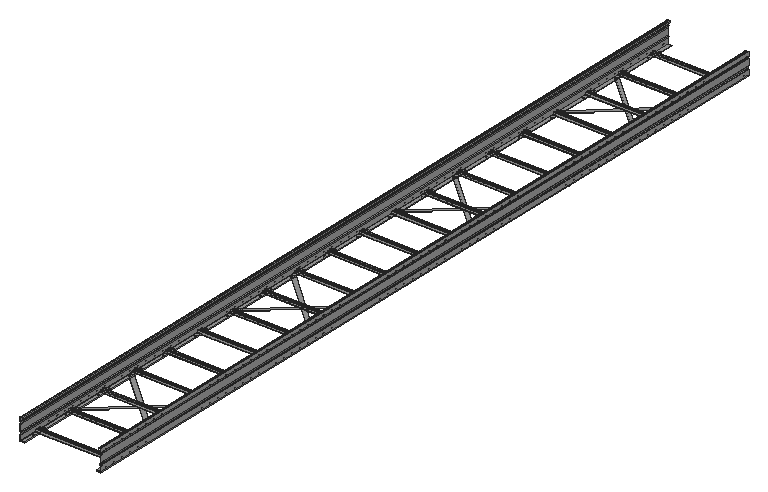
Revit family "WKLG 1660 03.09", category Generic Models, Revit 2017 (continued)
Forms (mm)
  Extrusion 420, solid, material "Hot-dip galvanised 85 µm" <- "Material"
    sketch origin (0, 2400, 0) x (0, 1, 0) y (0, 0, 1)
      loop
        line (163.042, 15.709) -> (165.389, 4.709)
        arc (165.389, 4.709) -> (165.188, 3.871) -> (164.411, 3.5) r 1
        line (164.411, 3.5) -> (135.589, 3.5)
        arc (135.589, 3.5) -> (134.812, 3.871) -> (134.611, 4.709) r 1
        line (134.611, 4.709) -> (136.958, 15.709)
        arc (136.958, 15.709) -> (137.307, 16.277) -> (137.936, 16.5) r 1
        line (137.936, 16.5) -> (141.587, 16.5) -> (141.587, 18) -> (136.722, 18)
        arc (136.722, 18) -> (136.093, 17.777) -> (135.744, 17.209) r 1
    from -298 to 298
  Extrusion 421, void
    sketch origin (0, 2400, 0) x (1, 0, 0) y (0, 1, 0)
      loop
        circle (-287.5, 150) r 2.75
      loop
        circle (-257.5, 150) r 3.5
      loop
        circle (287.5, 150) r 2.75
      loop
        circle (257.5, 150) r 3.5
    from 0 to 3.373
  Extrusion 422, solid, material "Hot-dip galvanised 85 µm" <- "Material"
    sketch origin (0, 2700, 0) x (0, 1, 0) y (0, 0, 1)
      loop
        line (135.744, 17.209) -> (132.758, 3.209)
        arc (132.758, 3.209) -> (132.958, 2.371) -> (133.736, 2) r 1
        line (133.736, 2) -> (166.264, 2)
        arc (166.264, 2) -> (167.042, 2.371) -> (167.242, 3.209) r 1
        line (167.242, 3.209) -> (164.256, 17.209)
        arc (164.256, 17.209) -> (163.907, 17.777) -> (163.278, 18) r 1
        line (163.278, 18) -> (158.087, 18) -> (158.087, 16.5) -> (162.064, 16.5)
        arc (162.064, 16.5) -> (162.693, 16.277) -> (163.042, 15.709) r 1
        line (163.042, 15.709) -> (165.389, 4.709)
        arc (165.389, 4.709) -> (165.188, 3.871) -> (164.411, 3.5) r 1
        line (164.411, 3.5) -> (135.589, 3.5)
        arc (135.589, 3.5) -> (134.812, 3.871) -> (134.611, 4.709) r 1
        line (134.611, 4.709) -> (136.958, 15.709)
        arc (136.958, 15.709) -> (137.307, 16.277) -> (137.936, 16.5) r 1
        line (137.936, 16.5) -> (141.587, 16.5) -> (141.587, 18) -> (136.722, 18)
        arc (136.722, 18) -> (136.093, 17.777) -> (135.744, 17.209) r 1
    from -298 to 298
  Extrusion 423, void
    sketch origin (0, 2700, 0) x (1, 0, 0) y (0, 1, 0)
      loop
        circle (-287.5, 150) r 2.75
      loop
        circle (-257.5, 150) r 3.5
      loop
        circle (287.5, 150) r 2.75
      loop
        circle (257.5, 150) r 3.5
    from 0 to 3.373
  Extrusion 424, solid, material "Hot-dip galvanised 85 µm" <- "Material"
    sketch origin (0, 3000, 0) x (0, 1, 0) y (0, 0, 1)
      loop
        line (135.744, 17.209) -> (132.758, 3.209)
        arc (132.758, 3.209) -> (132.958, 2.371) -> (133.736, 2) r 1
        line (133.736, 2) -> (166.264, 2)
        arc (166.264, 2) -> (167.042, 2.371) -> (167.242, 3.209) r 1
        line (167.242, 3.209) -> (164.256, 17.209)
        arc (164.256, 17.209) -> (163.907, 17.777) -> (163.278, 18) r 1
        line (163.278, 18) -> (158.087, 18) -> (158.087, 16.5) -> (162.064, 16.5)
        arc (162.064, 16.5) -> (162.693, 16.277) -> (163.042, 15.709) r 1
        line (163.042, 15.709) -> (165.389, 4.709)
        arc (165.389, 4.709) -> (165.188, 3.871) -> (164.411, 3.5) r 1
        line (164.411, 3.5) -> (135.589, 3.5)
        arc (135.589, 3.5) -> (134.812, 3.871) -> (134.611, 4.709) r 1
        line (134.611, 4.709) -> (136.958, 15.709)
        arc (136.958, 15.709) -> (137.307, 16.277) -> (137.936, 16.5) r 1
        line (137.936, 16.5) -> (141.587, 16.5) -> (141.587, 18) -> (136.722, 18)
        arc (136.722, 18) -> (136.093, 17.777) -> (135.744, 17.209) r 1
    from -298 to 298
  Extrusion 425, void
    sketch origin (0, 3000, 0) x (1, 0, 0) y (0, 1, 0)
      loop
        circle (-287.5, 150) r 2.75
      loop
        circle (-257.5, 150) r 3.5
      loop
        circle (287.5, 150) r 2.75
      loop
        circle (257.5, 150) r 3.5
    from 0 to 3.373
  Extrusion 426, solid, material "Hot-dip galvanised 85 µm" <- "Material"
    sketch origin (0, 3300, 0) x (0, 1, 0) y (0, 0, 1)
      loop
        line (135.744, 17.209) -> (132.758, 3.209)
        arc (132.758, 3.209) -> (132.958, 2.371) -> (133.736, 2) r 1
        line (133.736, 2) -> (166.264, 2)
        arc (166.264, 2) -> (167.042, 2.371) -> (167.242, 3.209) r 1
        line (167.242, 3.209) -> (164.256, 17.209)
        arc (164.256, 17.209) -> (163.907, 17.777) -> (163.278, 18) r 1
        line (163.278, 18) -> (158.087, 18) -> (158.087, 16.5) -> (162.064, 16.5)
        arc (162.064, 16.5) -> (162.693, 16.277) -> (163.042, 15.709) r 1
        line (163.042, 15.709) -> (165.389, 4.709)
        arc (165.389, 4.709) -> (165.188, 3.871) -> (164.411, 3.5) r 1
        line (164.411, 3.5) -> (135.589, 3.5)
        arc (135.589, 3.5) -> (134.812, 3.871) -> (134.611, 4.709) r 1
        line (134.611, 4.709) -> (136.958, 15.709)
        arc (136.958, 15.709) -> (137.307, 16.277) -> (137.936, 16.5) r 1
        line (137.936, 16.5) -> (141.587, 16.5) -> (141.587, 18) -> (136.722, 18)
        arc (136.722, 18) -> (136.093, 17.777) -> (135.744, 17.209) r 1
    from -298 to 298
  Extrusion 427, void
    sketch origin (0, 3300, 0) x (1, 0, 0) y (0, 1, 0)
      loop
        circle (-287.5, 150) r 2.75
      loop
        circle (-257.5, 150) r 3.5
      loop
        circle (287.5, 150) r 2.75
      loop
        circle (257.5, 150) r 3.5
    from 0 to 3.373
  Extrusion 428, solid, material "Hot-dip galvanised 85 µm" <- "Material"
    sketch origin (0, 3600, 0) x (0, 1, 0) y (0, 0, 1)
      loop
        line (135.744, 17.209) -> (132.758, 3.209)
        arc (132.758, 3.209) -> (132.958, 2.371) -> (133.736, 2) r 1
        line (133.736, 2) -> (166.264, 2)
        arc (166.264, 2) -> (167.042, 2.371) -> (167.242, 3.209) r 1
        line (167.242, 3.209) -> (164.256, 17.209)
        arc (164.256, 17.209) -> (163.907, 17.777) -> (163.278, 18) r 1
        line (163.278, 18) -> (158.087, 18) -> (158.087, 16.5) -> (162.064, 16.5)
        arc (162.064, 16.5) -> (162.693, 16.277) -> (163.042, 15.709) r 1
        line (163.042, 15.709) -> (165.389, 4.709)
        arc (165.389, 4.709) -> (165.188, 3.871) -> (164.411, 3.5) r 1
        line (164.411, 3.5) -> (135.589, 3.5)
        arc (135.589, 3.5) -> (134.812, 3.871) -> (134.611, 4.709) r 1
        line (134.611, 4.709) -> (136.958, 15.709)
        arc (136.958, 15.709) -> (137.307, 16.277) -> (137.936, 16.5) r 1
        line (137.936, 16.5) -> (141.587, 16.5) -> (141.587, 18) -> (136.722, 18)
        arc (136.722, 18) -> (136.093, 17.777) -> (135.744, 17.209) r 1
    from -298 to 298
  Extrusion 429, void
    sketch origin (0, 3600, 0) x (1, 0, 0) y (0, 1, 0)
      loop
        circle (-287.5, 150) r 2.75
      loop
        circle (-257.5, 150) r 3.5
      loop
        circle (287.5, 150) r 2.75
      loop
        circle (257.5, 150) r 3.5
    from 0 to 3.373
  Extrusion 430, solid, material "Hot-dip galvanised 85 µm" <- "Material"
    sketch origin (0, 3900, 0) x (0, 1, 0) y (0, 0, 1)
      loop
        line (135.744, 17.209) -> (132.758, 3.209)
        arc (132.758, 3.209) -> (132.958, 2.371) -> (133.736, 2) r 1
        line (133.736, 2) -> (166.264, 2)
        arc (166.264, 2) -> (167.042, 2.371) -> (167.242, 3.209) r 1
        line (167.242, 3.209) -> (164.256, 17.209)
        arc (164.256, 17.209) -> (163.907, 17.777) -> (163.278, 18) r 1
        line (163.278, 18) -> (158.087, 18) -> (158.087, 16.5) -> (162.064, 16.5)
        arc (162.064, 16.5) -> (162.693, 16.277) -> (163.042, 15.709) r 1
        line (163.042, 15.709) -> (165.389, 4.709)
        arc (165.389, 4.709) -> (165.188, 3.871) -> (164.411, 3.5) r 1
        line (164.411, 3.5) -> (135.589, 3.5)
        arc (135.589, 3.5) -> (134.812, 3.871) -> (134.611, 4.709) r 1
        line (134.611, 4.709) -> (136.958, 15.709)
        arc (136.958, 15.709) -> (137.307, 16.277) -> (137.936, 16.5) r 1
        line (137.936, 16.5) -> (141.587, 16.5) -> (141.587, 18) -> (136.722, 18)
        arc (136.722, 18) -> (136.093, 17.777) -> (135.744, 17.209) r 1
    from -298 to 298
  Extrusion 431, void
    sketch origin (0, 3900, 0) x (1, 0, 0) y (0, 1, 0)
      loop
        circle (-287.5, 150) r 2.75
      loop
        circle (-257.5, 150) r 3.5
      loop
        circle (287.5, 150) r 2.75
      loop
        circle (257.5, 150) r 3.5
    from 0 to 3.373
  Extrusion 432, solid, material "Hot-dip galvanised 85 µm" <- "Material"
    sketch origin (0, 4200, 0) x (0, 1, 0) y (0, 0, 1)
      loop
        line (135.744, 17.209) -> (132.758, 3.209)
        arc (132.758, 3.209) -> (132.958, 2.371) -> (133.736, 2) r 1
        line (133.736, 2) -> (166.264, 2)
        arc (166.264, 2) -> (167.042, 2.371) -> (167.242, 3.209) r 1
        line (167.242, 3.209) -> (164.256, 17.209)
        arc (164.256, 17.209) -> (163.907, 17.777) -> (163.278, 18) r 1
        line (163.278, 18) -> (158.087, 18) -> (158.087, 16.5) -> (162.064, 16.5)
        arc (162.064, 16.5) -> (162.693, 16.277) -> (163.042, 15.709) r 1
        line (163.042, 15.709) -> (165.389, 4.709)
        arc (165.389, 4.709) -> (165.188, 3.871) -> (164.411, 3.5) r 1
        line (164.411, 3.5) -> (135.589, 3.5)
        arc (135.589, 3.5) -> (134.812, 3.871) -> (134.611, 4.709) r 1
        line (134.611, 4.709) -> (136.958, 15.709)
        arc (136.958, 15.709) -> (137.307, 16.277) -> (137.936, 16.5) r 1
        line (137.936, 16.5) -> (141.587, 16.5) -> (141.587, 18) -> (136.722, 18)
        arc (136.722, 18) -> (136.093, 17.777) -> (135.744, 17.209) r 1
    from -298 to 298
  Extrusion 433, void
    sketch origin (0, 4200, 0) x (1, 0, 0) y (0, 1, 0)
      loop
        circle (-287.5, 150) r 2.75
      loop
        circle (-257.5, 150) r 3.5
      loop
        circle (287.5, 150) r 2.75
      loop
        circle (257.5, 150) r 3.5
    from 0 to 3.373
  Extrusion 434, solid, material "Hot-dip galvanised 85 µm" <- "Material"
    sketch origin (0, 4500, 0) x (0, 1, 0) y (0, 0, 1)
      loop
        line (135.744, 17.209) -> (132.758, 3.209)
        arc (132.758, 3.209) -> (132.958, 2.371) -> (133.736, 2) r 1
        line (133.736, 2) -> (166.264, 2)
        arc (166.264, 2) -> (167.042, 2.371) -> (167.242, 3.209) r 1
        line (167.242, 3.209) -> (164.256, 17.209)
        arc (164.256, 17.209) -> (163.907, 17.777) -> (163.278, 18) r 1
        line (163.278, 18) -> (158.087, 18) -> (158.087, 16.5) -> (162.064, 16.5)
        arc (162.064, 16.5) -> (162.693, 16.277) -> (163.042, 15.709) r 1
        line (163.042, 15.709) -> (165.389, 4.709)
        arc (165.389, 4.709) -> (165.188, 3.871) -> (164.411, 3.5) r 1
        line (164.411, 3.5) -> (135.589, 3.5)
        arc (135.589, 3.5) -> (134.812, 3.871) -> (134.611, 4.709) r 1
        line (134.611, 4.709) -> (136.958, 15.709)
        arc (136.958, 15.709) -> (137.307, 16.277) -> (137.936, 16.5) r 1
        line (137.936, 16.5) -> (141.587, 16.5) -> (141.587, 18) -> (136.722, 18)
        arc (136.722, 18) -> (136.093, 17.777) -> (135.744, 17.209) r 1
    from -298 to 298
  Extrusion 435, void
    sketch origin (0, 4500, 0) x (1, 0, 0) y (0, 1, 0)
      loop
        circle (-287.5, 150) r 2.75
      loop
        circle (-257.5, 150) r 3.5
      loop
        circle (287.5, 150) r 2.75
      loop
        circle (257.5, 150) r 3.5
    from 0 to 3.373
  Extrusion 436, solid, material "Hot-dip galvanised 85 µm" <- "Material"
    sketch origin (0, 4800, 0) x (0, 1, 0) y (0, 0, 1)
      loop
        line (135.744, 17.209) -> (132.758, 3.209)
        arc (132.758, 3.209) -> (132.958, 2.371) -> (133.736, 2) r 1
        line (133.736, 2) -> (166.264, 2)
        arc (166.264, 2) -> (167.042, 2.371) -> (167.242, 3.209) r 1
        line (167.242, 3.209) -> (164.256, 17.209)
        arc (164.256, 17.209) -> (163.907, 17.777) -> (163.278, 18) r 1
        line (163.278, 18) -> (158.087, 18) -> (158.087, 16.5) -> (162.064, 16.5)
        arc (162.064, 16.5) -> (162.693, 16.277) -> (163.042, 15.709) r 1
        line (163.042, 15.709) -> (165.389, 4.709)
        arc (165.389, 4.709) -> (165.188, 3.871) -> (164.411, 3.5) r 1
        line (164.411, 3.5) -> (135.589, 3.5)
        arc (135.589, 3.5) -> (134.812, 3.871) -> (134.611, 4.709) r 1
        line (134.611, 4.709) -> (136.958, 15.709)
        arc (136.958, 15.709) -> (137.307, 16.277) -> (137.936, 16.5) r 1
        line (137.936, 16.5) -> (141.587, 16.5) -> (141.587, 18) -> (136.722, 18)
        arc (136.722, 18) -> (136.093, 17.777) -> (135.744, 17.209) r 1
    from -298 to 298
  Extrusion 437, void
    sketch origin (0, 4800, 0) x (1, 0, 0) y (0, 1, 0)
      loop
        circle (-287.5, 150) r 2.75
      loop
        circle (-257.5, 150) r 3.5
      loop
        circle (287.5, 150) r 2.75
      loop
        circle (257.5, 150) r 3.5
    from 0 to 3.373
  Extrusion 438, solid, material "Hot-dip galvanised 85 µm" <- "Material"
    sketch origin (0, 5100, 0) x (0, 1, 0) y (0, 0, 1)
      loop
        line (135.744, 17.209) -> (132.758, 3.209)
        arc (132.758, 3.209) -> (132.958, 2.371) -> (133.736, 2) r 1
        line (133.736, 2) -> (166.264, 2)
        arc (166.264, 2) -> (167.042, 2.371) -> (167.242, 3.209) r 1
        line (167.242, 3.209) -> (164.256, 17.209)
        arc (164.256, 17.209) -> (163.907, 17.777) -> (163.278, 18) r 1
        line (163.278, 18) -> (158.087, 18) -> (158.087, 16.5) -> (162.064, 16.5)
        arc (162.064, 16.5) -> (162.693, 16.277) -> (163.042, 15.709) r 1
        line (163.042, 15.709) -> (165.389, 4.709)
        arc (165.389, 4.709) -> (165.188, 3.871) -> (164.411, 3.5) r 1
        line (164.411, 3.5) -> (135.589, 3.5)
        arc (135.589, 3.5) -> (134.812, 3.871) -> (134.611, 4.709) r 1
        line (134.611, 4.709) -> (136.958, 15.709)
        arc (136.958, 15.709) -> (137.307, 16.277) -> (137.936, 16.5) r 1
        line (137.936, 16.5) -> (141.587, 16.5) -> (141.587, 18) -> (136.722, 18)
        arc (136.722, 18) -> (136.093, 17.777) -> (135.744, 17.209) r 1
    from -298 to 298
  Extrusion 439, void
    sketch origin (0, 5100, 0) x (1, 0, 0) y (0, 1, 0)
      loop
        circle (-287.5, 150) r 2.75
      loop
        circle (-257.5, 150) r 3.5
      loop
        circle (287.5, 150) r 2.75
      loop
        circle (257.5, 150) r 3.5
    from 0 to 3.373
  Extrusion 440, solid, material "Hot-dip galvanised 85 µm" <- "Material"
    sketch origin (0, 5400, 0) x (0, 1, 0) y (0, 0, 1)
      loop
        line (135.744, 17.209) -> (132.758, 3.209)
        arc (132.758, 3.209) -> (132.958, 2.371) -> (133.736, 2) r 1
        line (133.736, 2) -> (166.264, 2)
        arc (166.264, 2) -> (167.042, 2.371) -> (167.242, 3.209) r 1
        line (167.242, 3.209) -> (164.256, 17.209)
        arc (164.256, 17.209) -> (163.907, 17.777) -> (163.278, 18) r 1
        line (163.278, 18) -> (158.087, 18) -> (158.087, 16.5) -> (162.064, 16.5)
        arc (162.064, 16.5) -> (162.693, 16.277) -> (163.042, 15.709) r 1
        line (163.042, 15.709) -> (165.389, 4.709)
        arc (165.389, 4.709) -> (165.188, 3.871) -> (164.411, 3.5) r 1
        line (164.411, 3.5) -> (135.589, 3.5)
        arc (135.589, 3.5) -> (134.812, 3.871) -> (134.611, 4.709) r 1
        line (134.611, 4.709) -> (136.958, 15.709)
        arc (136.958, 15.709) -> (137.307, 16.277) -> (137.936, 16.5) r 1
        line (137.936, 16.5) -> (141.587, 16.5) -> (141.587, 18) -> (136.722, 18)
        arc (136.722, 18) -> (136.093, 17.777) -> (135.744, 17.209) r 1
    from -298 to 298
  Extrusion 441, void
    sketch origin (0, 5400, 0) x (1, 0, 0) y (0, 1, 0)
      loop
        circle (-287.5, 150) r 2.75
      loop
        circle (-257.5, 150) r 3.5
      loop
        circle (287.5, 150) r 2.75
      loop
        circle (257.5, 150) r 3.5
    from 0 to 3.373
  Extrusion 442, solid, material "Hot-dip galvanised 85 µm" <- "Material"
    sketch origin (0, 5700, 0) x (0, 1, 0) y (0, 0, 1)
      loop
        line (135.744, 17.209) -> (132.758, 3.209)
        arc (132.758, 3.209) -> (132.958, 2.371) -> (133.736, 2) r 1
        line (133.736, 2) -> (166.264, 2)
        arc (166.264, 2) -> (167.042, 2.371) -> (167.242, 3.209) r 1
        line (167.242, 3.209) -> (164.256, 17.209)
        arc (164.256, 17.209) -> (163.907, 17.777) -> (163.278, 18) r 1
        line (163.278, 18) -> (158.087, 18) -> (158.087, 16.5) -> (162.064, 16.5)
        arc (162.064, 16.5) -> (162.693, 16.277) -> (163.042, 15.709) r 1
        line (163.042, 15.709) -> (165.389, 4.709)
        arc (165.389, 4.709) -> (165.188, 3.871) -> (164.411, 3.5) r 1
        line (164.411, 3.5) -> (135.589, 3.5)
        arc (135.589, 3.5) -> (134.812, 3.871) -> (134.611, 4.709) r 1
        line (134.611, 4.709) -> (136.958, 15.709)
        arc (136.958, 15.709) -> (137.307, 16.277) -> (137.936, 16.5) r 1
        line (137.936, 16.5) -> (141.587, 16.5) -> (141.587, 18) -> (136.722, 18)
        arc (136.722, 18) -> (136.093, 17.777) -> (135.744, 17.209) r 1
    from -298 to 298
  Extrusion 443, void
    sketch origin (0, 5700, 0) x (1, 0, 0) y (0, 1, 0)
      loop
        circle (-287.5, 150) r 2.75
      loop
        circle (-257.5, 150) r 3.5
      loop
        circle (287.5, 150) r 2.75
      loop
        circle (257.5, 150) r 3.5
    from 0 to 3.373
  Extrusion 444, solid, material "Hot-dip galvanised 85 µm" <- "Material"
    sketch origin (0, 0, 0) x (1, 0, 0) y (0, 1, 0)
      loop
        line (-271.553, 484.009) -> (290.703, 998.013) -> (273.007, 1015.709) -> (-289.249, 501.704) -> (-271.553, 484.009)
    from 0 to 2
  Extrusion 445, solid, material "Hot-dip galvanised 85 µm" <- "Material"
    sketch origin (0, 0, 0) x (1, 0, 0) y (0, 1, 0)
      loop
        line (273.905, 485.539) -> (291.603, 503.237) -> (-272.14, 1015.563) -> (-289.838, 997.866) -> (273.905, 485.539)
    from 0 to 2
  Extrusion 446, solid, material "Hot-dip galvanised 85 µm" <- "Material"
    sketch origin (0, 1500, 0) x (1, 0, 0) y (0, 1, 0)
      loop
        line (-271.553, 484.009) -> (290.703, 998.013) -> (273.007, 1015.709) -> (-289.249, 501.704) -> (-271.553, 484.009)
    from 0 to 2
  Extrusion 447, solid, material "Hot-dip galvanised 85 µm" <- "Material"
    sketch origin (0, 1500, 0) x (1, 0, 0) y (0, 1, 0)
      loop
        line (273.905, 485.539) -> (291.603, 503.237) -> (-272.14, 1015.563) -> (-289.838, 997.866) -> (273.905, 485.539)
    from 0 to 2
  Extrusion 448, solid, material "Hot-dip galvanised 85 µm" <- "Material"
    sketch origin (0, 3000, 0) x (1, 0, 0) y (0, 1, 0)
      loop
        line (-271.553, 484.009) -> (290.703, 998.013) -> (273.007, 1015.709) -> (-289.249, 501.704) -> (-271.553, 484.009)
    from 0 to 2
  Extrusion 449, solid, material "Hot-dip galvanised 85 µm" <- "Material"
    sketch origin (0, 3000, 0) x (1, 0, 0) y (0, 1, 0)
      loop
        line (273.905, 485.539) -> (291.603, 503.237) -> (-272.14, 1015.563) -> (-289.838, 997.866) -> (273.905, 485.539)
    from 0 to 2
  Extrusion 450, solid, material "Hot-dip galvanised 85 µm" <- "Material"
    sketch origin (0, 4500, 0) x (1, 0, 0) y (0, 1, 0)
      loop
        line (-271.553, 484.009) -> (290.703, 998.013) -> (273.007, 1015.709) -> (-289.249, 501.704) -> (-271.553, 484.009)
    from 0 to 2
  Extrusion 451, solid, material "Hot-dip galvanised 85 µm" <- "Material"
    sketch origin (0, 4500, 0) x (1, 0, 0) y (0, 1, 0)
      loop
        line (273.905, 485.539) -> (291.603, 503.237) -> (-272.14, 1015.563) -> (-289.838, 997.866) -> (273.905, 485.539)
    from 0 to 2
Cuts and joins
  Extrusion 2, Extrusion 3, Extrusion 4, Extrusion 5, Extrusion 6, Extrusion 7, Extrusion 8, Extrusion 9, Extrusion 10, Extrusion 11, Extrusion 12, Extrusion 13, Extrusion 14, Extrusion 15, Extrusion 16, Extrusion 17, Extrusion 18, Extrusion 19, Extrusion 20, Extrusion 21, Extrusion 22, Extrusion 23, Extrusion 24, Extrusion 25, Extrusion 26, Extrusion 27, Extrusion 28, Extrusion 29, Extrusion 30, Extrusion 31, Extrusion 32, Extrusion 33, Extrusion 34, Extrusion 35, Extrusion 36, Extrusion 37, Extrusion 38, Extrusion 39, Extrusion 40, Extrusion 41, Extrusion 42, Extrusion 43, Extrusion 44, Extrusion 45, Extrusion 46, Extrusion 47, Extrusion 48, Extrusion 49, Extrusion 50, Extrusion 51, Extrusion 52, Extrusion 53, Extrusion 54, Extrusion 55, Extrusion 56, Extrusion 57, Extrusion 58, Extrusion 59, Extrusion 60, Extrusion 61, Extrusion 62, Extrusion 63, Extrusion 64, Extrusion 65, Extrusion 66, Extrusion 67, Extrusion 68, Extrusion 69, Extrusion 70, Extrusion 71, Extrusion 72, Extrusion 73, Extrusion 74, Extrusion 75, Extrusion 76, Extrusion 77, Extrusion 78, Extrusion 79, Extrusion 80, Extrusion 81, Extrusion 82, Extrusion 83, Extrusion 84, Extrusion 85, Extrusion 86, Extrusion 87, Extrusion 88, Extrusion 89, Extrusion 90, Extrusion 91, Extrusion 92, Extrusion 93, Extrusion 94, Extrusion 95, Extrusion 96, Extrusion 97, Extrusion 98, Extrusion 99, Extrusion 100, Extrusion 101, Extrusion 102, Extrusion 103, Extrusion 104, Extrusion 105, Extrusion 106, Extrusion 107, Extrusion 108, Extrusion 109, Extrusion 110, Extrusion 111, Extrusion 112, Extrusion 113, Extrusion 114, Extrusion 115, Extrusion 116, Extrusion 117, Extrusion 118, Extrusion 119, Extrusion 120, Extrusion 121, Extrusion 122, Extrusion 123, Extrusion 124, Extrusion 125, Extrusion 126, Extrusion 127, Extrusion 128, Extrusion 129, Extrusion 130, Extrusion 131, Extrusion 132, Extrusion 133, Extrusion 134, Extrusion 135, Extrusion 136, Extrusion 137, Extrusion 138, Extrusion 139, Extrusion 140, Extrusion 141, Extrusion 142, Extrusion 143, Extrusion 144, Extrusion 145, Extrusion 146, Extrusion 147, Extrusion 148, Extrusion 149, Extrusion 150, Extrusion 151, Extrusion 152, Extrusion 153, Extrusion 154, Extrusion 155, Extrusion 156, Extrusion 157, Extrusion 158, Extrusion 159, Extrusion 160, Extrusion 161, Extrusion 162, Extrusion 163, Extrusion 164, Extrusion 165, Extrusion 166, Extrusion 167, Extrusion 168, Extrusion 169, Extrusion 170, Extrusion 171, Extrusion 172, Extrusion 173, Extrusion 174, Extrusion 175, Extrusion 176, Extrusion 177, Extrusion 178, Extrusion 179, Extrusion 180, Extrusion 181, Extrusion 182, Extrusion 183, Extrusion 184, Extrusion 185, Extrusion 186, Extrusion 187, Extrusion 188, Extrusion 189, Extrusion 190, Extrusion 191, Extrusion 192, Extrusion 193, Extrusion 194, Extrusion 195, Extrusion 196, Extrusion 197, Extrusion 198, Extrusion 199, Extrusion 200, Extrusion 201, Extrusion 202, Extrusion 203, Extrusion 204, Extrusion 205, Extrusion 206, Extrusion 207, Extrusion 208, Extrusion 209, Extrusion 210, Extrusion 211, Extrusion 212, Extrusion 213, Extrusion 214, Extrusion 215, Extrusion 216, Extrusion 217, Extrusion 218, Extrusion 219, Extrusion 220, Extrusion 221, Extrusion 222, Extrusion 223, Extrusion 224, Extrusion 225, Extrusion 226, Extrusion 227, Extrusion 228, Extrusion 229, Extrusion 230, Extrusion 231, Extrusion 232, Extrusion 233, Extrusion 234, Extrusion 235, Extrusion 236, Extrusion 237, Extrusion 238, Extrusion 239, Extrusion 240, Extrusion 241, Extrusion 242, Extrusion 243, Extrusion 244, Extrusion 245, Extrusion 246, Extrusion 247, Extrusion 248, Extrusion 249, Extrusion 250, Extrusion 251, Extrusion 252, Extrusion 253, Extrusion 254, Extrusion 255, Extrusion 256, Extrusion 257, Extrusion 258, Extrusion 259, Extrusion 260, Extrusion 261, Extrusion 262, Extrusion 263, Extrusion 264, Extrusion 265, Extrusion 266, Extrusion 267, Extrusion 268, Extrusion 269, Extrusion 270, Extrusion 271, Extrusion 272, Extrusion 273, Extrusion 274, Extrusion 275, Extrusion 276, Extrusion 277, Extrusion 278, Extrusion 279, Extrusion 280, Extrusion 281, Extrusion 282, Extrusion 283, Extrusion 284, Extrusion 285, Extrusion 286, Extrusion 287, Extrusion 288, Extrusion 289, Extrusion 290, Extrusion 291, Extrusion 292, Extrusion 293, Extrusion 294, Extrusion 295, Extrusion 296, Extrusion 297, Extrusion 298, Extrusion 299, Extrusion 300, Extrusion 301, Extrusion 302, Extrusion 303, Extrusion 304, Extrusion 305, Extrusion 306, Extrusion 307, Extrusion 308, Extrusion 309, Extrusion 310, Extrusion 311, Extrusion 312, Extrusion 313, Extrusion 314, Extrusion 315, Extrusion 316, Extrusion 317, Extrusion 318, Extrusion 319, Extrusion 320, Extrusion 321, Extrusion 323, Extrusion 324, Extrusion 325, Extrusion 326, Extrusion 327, Extrusion 328, Extrusion 329, Extrusion 330, Extrusion 331, Extrusion 332, Extrusion 333, Extrusion 334, Extrusion 335, Extrusion 336, Extrusion 337, Extrusion 338, Extrusion 339, Extrusion 340, Extrusion 341, Extrusion 342, Extrusion 343, Extrusion 344, Extrusion 345, Extrusion 346, Extrusion 347, Extrusion 348, Extrusion 349, Extrusion 350, Extrusion 351, Extrusion 352, Extrusion 353, Extrusion 354, Extrusion 355, Extrusion 356, Extrusion 357, Extrusion 358, Extrusion 359, Extrusion 360, Extrusion 361, Extrusion 362, Extrusion 363, Extrusion 364, Extrusion 365, Extrusion 366, Extrusion 367, Extrusion 368, Extrusion 369, Extrusion 370, Extrusion 371, Extrusion 372, Extrusion 373, Extrusion 374, Extrusion 375, Extrusion 376, Extrusion 377, Extrusion 378, Extrusion 379, Extrusion 380, Extrusion 381, Extrusion 382, Extrusion 383, Extrusion 384, Extrusion 385, Extrusion 386, Extrusion 387, Extrusion 388, Extrusion 389, Extrusion 390, Extrusion 391, Extrusion 392, Extrusion 393, Extrusion 394, Extrusion 395, Extrusion 396, Extrusion 397, Extrusion 398, Extrusion 399, Extrusion 400, Extrusion 401, Extrusion 402, Extrusion 403, Extrusion 405, Extrusion 407, Extrusion 409, Extrusion 411, Extrusion 413, Extrusion 415, Extrusion 417, Extrusion 419, Extrusion 421, Extrusion 423, Extrusion 425, Extrusion 427, Extrusion 429, Extrusion 431, Extrusion 433, Extrusion 435, Extrusion 437, Extrusion 439, Extrusion 441, Extrusion 443 cuts Extrusion 1
  Extrusion 403, Extrusion 405, Extrusion 407 cuts Extrusion 322
  Extrusion 407 cuts Extrusion 406
  Extrusion 409 cuts Extrusion 408
  Extrusion 411 cuts Extrusion 410
  Extrusion 413 cuts Extrusion 412
  Extrusion 415 cuts Extrusion 414
  Extrusion 417 cuts Extrusion 416
  Extrusion 419 cuts Extrusion 418
  Extrusion 421 cuts Extrusion 420
  Extrusion 423 cuts Extrusion 422
  Extrusion 425 cuts Extrusion 424
  Extrusion 427 cuts Extrusion 426
  Extrusion 429 cuts Extrusion 428
  Extrusion 431 cuts Extrusion 430
  Extrusion 433 cuts Extrusion 432
  Extrusion 435 cuts Extrusion 434
  Extrusion 437 cuts Extrusion 436
  Extrusion 439 cuts Extrusion 438
  Extrusion 441 cuts Extrusion 440
  Extrusion 443 cuts Extrusion 442
Dimensions and locks
  locked: Extrusion 1 sketch curve to plane 3 "Center (Left/Right)" at 300
  locked: Extrusion 1 sketch curve to Extrusion 1 sketch curve at 35
  "Height": plane 4 to level
  locked: plane 4 to plane 5 at 38
  locked: plane 5 to plane 6 at 70
  locked: Extrusion 1 sketch curve to Extrusion 1 sketch curve at 20
  locked: Extrusion 1 sketch curve to Extrusion 1 sketch curve at 10
  "Length": Extrusion 1 to Extrusion 1
  locked: plane 12 to plane 14 at 20
  locked: plane 13 to level at 20
  locked: Extrusion 1 to Extrusion 1 at 2  (x16)
  "Height": Extrusion 1 to level
  plane 12 to plane 14 = 20 mm
  locked: Extrusion 1 to plane 15 at 37.5
  plane 15 to plane 1 "Center (Front/Back)" = 37.5 mm
  locked: plane 17 to plane 16 at 2
  locked: Extrusion 2 sketch curve to Extrusion 2 sketch curve at 25
  locked: Extrusion 2 sketch curve to Extrusion 2 sketch curve at 9
  locked: Extrusion 3 sketch curve to Extrusion 3 sketch curve at 25
  locked: Extrusion 3 sketch curve to Extrusion 3 sketch curve at 9
  equal spacing: group 1, group 2, group 3, group 4, group 5, group 6, group 7, group 8, group 9, group 10, group 11, group 12, group 13, group 14, group 15, group 16, group 17, group 18, group 19, group 20, group 21, group 22, group 23, group 24, group 25, group 26, group 27, group 28, group 29, group 30, group 31, group 32, group 33, group 34, group 35, group 36, group 37, group 38, group 39, group 40, group 41, group 42, group 43, group 44, group 45, group 46, group 47, group 48, group 49, group 50, group 51, group 52, group 53, group 54, group 55, group 56, group 57, group 58, group 59, group 60, group 61, group 62, group 63, group 64, group 65, group 66, group 67, group 68, group 69, group 70, group 71, group 72, group 73, group 74, group 75, group 76, group 77, group 78, group 79, group 80  (x3)
  locked: Extrusion 4 sketch curve to Extrusion 4 sketch curve at 25
  locked: Extrusion 4 sketch curve to Extrusion 4 sketch curve at 9
  locked: Extrusion 5 sketch curve to Extrusion 5 sketch curve at 25
  locked: Extrusion 5 sketch curve to Extrusion 5 sketch curve at 9
  locked: Extrusion 6 sketch curve to Extrusion 6 sketch curve at 25
  locked: Extrusion 6 sketch curve to Extrusion 6 sketch curve at 9
  locked: Extrusion 7 sketch curve to Extrusion 7 sketch curve at 25
  locked: Extrusion 7 sketch curve to Extrusion 7 sketch curve at 9
  locked: Extrusion 8 sketch curve to Extrusion 8 sketch curve at 25
  locked: Extrusion 8 sketch curve to Extrusion 8 sketch curve at 9
  locked: Extrusion 9 sketch curve to Extrusion 9 sketch curve at 25
  locked: Extrusion 9 sketch curve to Extrusion 9 sketch curve at 9
  locked: Extrusion 10 sketch curve to Extrusion 10 sketch curve at 25
  locked: Extrusion 10 sketch curve to Extrusion 10 sketch curve at 9
  locked: Extrusion 11 sketch curve to Extrusion 11 sketch curve at 25
  locked: Extrusion 11 sketch curve to Extrusion 11 sketch curve at 9
  locked: Extrusion 12 sketch curve to Extrusion 12 sketch curve at 25
  locked: Extrusion 12 sketch curve to Extrusion 12 sketch curve at 9
  locked: Extrusion 13 sketch curve to Extrusion 13 sketch curve at 25
  locked: Extrusion 13 sketch curve to Extrusion 13 sketch curve at 9
  locked: Extrusion 14 sketch curve to Extrusion 14 sketch curve at 25
  locked: Extrusion 14 sketch curve to Extrusion 14 sketch curve at 9
  locked: Extrusion 15 sketch curve to Extrusion 15 sketch curve at 25
  locked: Extrusion 15 sketch curve to Extrusion 15 sketch curve at 9
  locked: Extrusion 16 sketch curve to Extrusion 16 sketch curve at 25
  locked: Extrusion 16 sketch curve to Extrusion 16 sketch curve at 9
  locked: Extrusion 17 sketch curve to Extrusion 17 sketch curve at 25
  locked: Extrusion 17 sketch curve to Extrusion 17 sketch curve at 9
  locked: Extrusion 18 sketch curve to Extrusion 18 sketch curve at 25
  locked: Extrusion 18 sketch curve to Extrusion 18 sketch curve at 9
  locked: Extrusion 19 sketch curve to Extrusion 19 sketch curve at 25
  locked: Extrusion 19 sketch curve to Extrusion 19 sketch curve at 9
  locked: Extrusion 20 sketch curve to Extrusion 20 sketch curve at 25
  locked: Extrusion 20 sketch curve to Extrusion 20 sketch curve at 9
  locked: Extrusion 21 sketch curve to Extrusion 21 sketch curve at 25
  locked: Extrusion 21 sketch curve to Extrusion 21 sketch curve at 9
  locked: Extrusion 22 sketch curve to Extrusion 22 sketch curve at 25
  locked: Extrusion 22 sketch curve to Extrusion 22 sketch curve at 9
  locked: Extrusion 23 sketch curve to Extrusion 23 sketch curve at 25
  locked: Extrusion 23 sketch curve to Extrusion 23 sketch curve at 9
  locked: Extrusion 24 sketch curve to Extrusion 24 sketch curve at 25
  locked: Extrusion 24 sketch curve to Extrusion 24 sketch curve at 9
  locked: Extrusion 25 sketch curve to Extrusion 25 sketch curve at 25
  locked: Extrusion 25 sketch curve to Extrusion 25 sketch curve at 9
  locked: Extrusion 26 sketch curve to Extrusion 26 sketch curve at 25
  locked: Extrusion 26 sketch curve to Extrusion 26 sketch curve at 9
  locked: Extrusion 27 sketch curve to Extrusion 27 sketch curve at 25
  locked: Extrusion 27 sketch curve to Extrusion 27 sketch curve at 9
  locked: Extrusion 28 sketch curve to Extrusion 28 sketch curve at 25
  locked: Extrusion 28 sketch curve to Extrusion 28 sketch curve at 9
  locked: Extrusion 29 sketch curve to Extrusion 29 sketch curve at 25
  locked: Extrusion 29 sketch curve to Extrusion 29 sketch curve at 9
  locked: Extrusion 30 sketch curve to Extrusion 30 sketch curve at 25
  locked: Extrusion 30 sketch curve to Extrusion 30 sketch curve at 9
  locked: Extrusion 31 sketch curve to Extrusion 31 sketch curve at 25
  locked: Extrusion 31 sketch curve to Extrusion 31 sketch curve at 9
  locked: Extrusion 32 sketch curve to Extrusion 32 sketch curve at 25
  locked: Extrusion 32 sketch curve to Extrusion 32 sketch curve at 9
  locked: Extrusion 33 sketch curve to Extrusion 33 sketch curve at 25
  locked: Extrusion 33 sketch curve to Extrusion 33 sketch curve at 9
  locked: Extrusion 34 sketch curve to Extrusion 34 sketch curve at 25
  locked: Extrusion 34 sketch curve to Extrusion 34 sketch curve at 9
  locked: Extrusion 35 sketch curve to Extrusion 35 sketch curve at 25
  locked: Extrusion 35 sketch curve to Extrusion 35 sketch curve at 9
  locked: Extrusion 36 sketch curve to Extrusion 36 sketch curve at 25
  locked: Extrusion 36 sketch curve to Extrusion 36 sketch curve at 9
  locked: Extrusion 37 sketch curve to Extrusion 37 sketch curve at 25
  locked: Extrusion 37 sketch curve to Extrusion 37 sketch curve at 9
  locked: Extrusion 38 sketch curve to Extrusion 38 sketch curve at 25
  locked: Extrusion 38 sketch curve to Extrusion 38 sketch curve at 9
  locked: Extrusion 39 sketch curve to Extrusion 39 sketch curve at 25
  locked: Extrusion 39 sketch curve to Extrusion 39 sketch curve at 9
  locked: Extrusion 40 sketch curve to Extrusion 40 sketch curve at 25
  locked: Extrusion 40 sketch curve to Extrusion 40 sketch curve at 9
  locked: Extrusion 41 sketch curve to Extrusion 41 sketch curve at 25
  locked: Extrusion 41 sketch curve to Extrusion 41 sketch curve at 9
  locked: Extrusion 42 sketch curve to Extrusion 42 sketch curve at 25
  locked: Extrusion 42 sketch curve to Extrusion 42 sketch curve at 9
  locked: Extrusion 43 sketch curve to Extrusion 43 sketch curve at 25
  locked: Extrusion 43 sketch curve to Extrusion 43 sketch curve at 9
  locked: Extrusion 44 sketch curve to Extrusion 44 sketch curve at 25
  locked: Extrusion 44 sketch curve to Extrusion 44 sketch curve at 9
  locked: Extrusion 45 sketch curve to Extrusion 45 sketch curve at 25
  locked: Extrusion 45 sketch curve to Extrusion 45 sketch curve at 9
  locked: Extrusion 46 sketch curve to Extrusion 46 sketch curve at 25
  locked: Extrusion 46 sketch curve to Extrusion 46 sketch curve at 9
  locked: Extrusion 47 sketch curve to Extrusion 47 sketch curve at 25
  locked: Extrusion 47 sketch curve to Extrusion 47 sketch curve at 9
  locked: Extrusion 48 sketch curve to Extrusion 48 sketch curve at 25
  locked: Extrusion 48 sketch curve to Extrusion 48 sketch curve at 9
  locked: Extrusion 49 sketch curve to Extrusion 49 sketch curve at 25
  locked: Extrusion 49 sketch curve to Extrusion 49 sketch curve at 9
  locked: Extrusion 50 sketch curve to Extrusion 50 sketch curve at 25
  locked: Extrusion 50 sketch curve to Extrusion 50 sketch curve at 9
  locked: Extrusion 51 sketch curve to Extrusion 51 sketch curve at 25
  locked: Extrusion 51 sketch curve to Extrusion 51 sketch curve at 9
  locked: Extrusion 52 sketch curve to Extrusion 52 sketch curve at 25
  locked: Extrusion 52 sketch curve to Extrusion 52 sketch curve at 9
  locked: Extrusion 53 sketch curve to Extrusion 53 sketch curve at 25
  locked: Extrusion 53 sketch curve to Extrusion 53 sketch curve at 9
  locked: Extrusion 54 sketch curve to Extrusion 54 sketch curve at 25
  locked: Extrusion 54 sketch curve to Extrusion 54 sketch curve at 9
  locked: Extrusion 55 sketch curve to Extrusion 55 sketch curve at 25
  locked: Extrusion 55 sketch curve to Extrusion 55 sketch curve at 9
  locked: Extrusion 56 sketch curve to Extrusion 56 sketch curve at 25
  locked: Extrusion 56 sketch curve to Extrusion 56 sketch curve at 9
  locked: Extrusion 57 sketch curve to Extrusion 57 sketch curve at 25
  locked: Extrusion 57 sketch curve to Extrusion 57 sketch curve at 9
  locked: Extrusion 58 sketch curve to Extrusion 58 sketch curve at 25
  locked: Extrusion 58 sketch curve to Extrusion 58 sketch curve at 9
  locked: Extrusion 59 sketch curve to Extrusion 59 sketch curve at 25
  locked: Extrusion 59 sketch curve to Extrusion 59 sketch curve at 9
  locked: Extrusion 60 sketch curve to Extrusion 60 sketch curve at 25
  locked: Extrusion 60 sketch curve to Extrusion 60 sketch curve at 9
  locked: Extrusion 61 sketch curve to Extrusion 61 sketch curve at 25
  locked: Extrusion 61 sketch curve to Extrusion 61 sketch curve at 9
  locked: Extrusion 62 sketch curve to Extrusion 62 sketch curve at 25
  locked: Extrusion 62 sketch curve to Extrusion 62 sketch curve at 9
  locked: Extrusion 63 sketch curve to Extrusion 63 sketch curve at 25
  locked: Extrusion 63 sketch curve to Extrusion 63 sketch curve at 9
  locked: Extrusion 64 sketch curve to Extrusion 64 sketch curve at 25
  locked: Extrusion 64 sketch curve to Extrusion 64 sketch curve at 9
  locked: Extrusion 65 sketch curve to Extrusion 65 sketch curve at 25
  locked: Extrusion 65 sketch curve to Extrusion 65 sketch curve at 9
  locked: Extrusion 66 sketch curve to Extrusion 66 sketch curve at 25
  locked: Extrusion 66 sketch curve to Extrusion 66 sketch curve at 9
  locked: Extrusion 67 sketch curve to Extrusion 67 sketch curve at 25
  locked: Extrusion 67 sketch curve to Extrusion 67 sketch curve at 9
  locked: Extrusion 68 sketch curve to Extrusion 68 sketch curve at 25
  locked: Extrusion 68 sketch curve to Extrusion 68 sketch curve at 9
  locked: Extrusion 69 sketch curve to Extrusion 69 sketch curve at 25
  locked: Extrusion 69 sketch curve to Extrusion 69 sketch curve at 9
  locked: Extrusion 70 sketch curve to Extrusion 70 sketch curve at 25
  locked: Extrusion 70 sketch curve to Extrusion 70 sketch curve at 9
  locked: Extrusion 71 sketch curve to Extrusion 71 sketch curve at 25
  locked: Extrusion 71 sketch curve to Extrusion 71 sketch curve at 9
  locked: Extrusion 72 sketch curve to Extrusion 72 sketch curve at 25
  locked: Extrusion 72 sketch curve to Extrusion 72 sketch curve at 9
  locked: Extrusion 73 sketch curve to Extrusion 73 sketch curve at 25
  locked: Extrusion 73 sketch curve to Extrusion 73 sketch curve at 9
  locked: Extrusion 74 sketch curve to Extrusion 74 sketch curve at 25
  locked: Extrusion 74 sketch curve to Extrusion 74 sketch curve at 9
  locked: Extrusion 75 sketch curve to Extrusion 75 sketch curve at 25
  locked: Extrusion 75 sketch curve to Extrusion 75 sketch curve at 9
  locked: Extrusion 76 sketch curve to Extrusion 76 sketch curve at 25
  locked: Extrusion 76 sketch curve to Extrusion 76 sketch curve at 9
  locked: Extrusion 77 sketch curve to Extrusion 77 sketch curve at 25
  locked: Extrusion 77 sketch curve to Extrusion 77 sketch curve at 9
  locked: Extrusion 78 sketch curve to Extrusion 78 sketch curve at 25
  locked: Extrusion 78 sketch curve to Extrusion 78 sketch curve at 9
  locked: Extrusion 79 sketch curve to Extrusion 79 sketch curve at 25
  locked: Extrusion 79 sketch curve to Extrusion 79 sketch curve at 9
  locked: Extrusion 80 sketch curve to Extrusion 80 sketch curve at 25
  locked: Extrusion 80 sketch curve to Extrusion 80 sketch curve at 9
  locked: Extrusion 81 sketch curve to Extrusion 81 sketch curve at 25
  locked: Extrusion 81 sketch curve to Extrusion 81 sketch curve at 9
  locked: Extrusion 82 sketch curve to Extrusion 82 sketch curve at 25
  locked: Extrusion 82 sketch curve to Extrusion 82 sketch curve at 9
  locked: Extrusion 83 sketch curve to Extrusion 83 sketch curve at 25
  locked: Extrusion 83 sketch curve to Extrusion 83 sketch curve at 9
  equal spacing: group 81, group 82, group 83, group 84, group 85, group 86, group 87, group 88, group 89, group 90, group 91, group 92, group 93, group 94, group 95, group 96, group 97, group 98, group 99, group 100, group 101, group 102, group 103, group 104, group 105, group 106, group 107, group 108, group 109, group 110, group 111, group 112, group 113, group 114, group 115, group 116, group 117, group 118, group 119, group 120, group 121, group 122, group 123, group 124, group 125, group 126, group 127, group 128, group 129, group 130, group 131, group 132, group 133, group 134, group 135, group 136, group 137, group 138, group 139, group 140, group 141, group 142, group 143, group 144, group 145, group 146, group 147, group 148, group 149, group 150, group 151, group 152, group 153, group 154, group 155, group 156, group 157, group 158, group 159, group 160  (x3)
  locked: Extrusion 84 sketch curve to Extrusion 84 sketch curve at 25
  locked: Extrusion 84 sketch curve to Extrusion 84 sketch curve at 9
  locked: Extrusion 85 sketch curve to Extrusion 85 sketch curve at 25
  locked: Extrusion 85 sketch curve to Extrusion 85 sketch curve at 9
  locked: Extrusion 86 sketch curve to Extrusion 86 sketch curve at 25
  locked: Extrusion 86 sketch curve to Extrusion 86 sketch curve at 9
  locked: Extrusion 87 sketch curve to Extrusion 87 sketch curve at 25
  locked: Extrusion 87 sketch curve to Extrusion 87 sketch curve at 9
  locked: Extrusion 88 sketch curve to Extrusion 88 sketch curve at 25
  locked: Extrusion 88 sketch curve to Extrusion 88 sketch curve at 9
  locked: Extrusion 89 sketch curve to Extrusion 89 sketch curve at 25
  locked: Extrusion 89 sketch curve to Extrusion 89 sketch curve at 9
  locked: Extrusion 90 sketch curve to Extrusion 90 sketch curve at 25
  locked: Extrusion 90 sketch curve to Extrusion 90 sketch curve at 9
  locked: Extrusion 91 sketch curve to Extrusion 91 sketch curve at 25
  locked: Extrusion 91 sketch curve to Extrusion 91 sketch curve at 9
  locked: Extrusion 92 sketch curve to Extrusion 92 sketch curve at 25
  locked: Extrusion 92 sketch curve to Extrusion 92 sketch curve at 9
  locked: Extrusion 93 sketch curve to Extrusion 93 sketch curve at 25
  locked: Extrusion 93 sketch curve to Extrusion 93 sketch curve at 9
  locked: Extrusion 94 sketch curve to Extrusion 94 sketch curve at 25
  locked: Extrusion 94 sketch curve to Extrusion 94 sketch curve at 9
  locked: Extrusion 95 sketch curve to Extrusion 95 sketch curve at 25
  locked: Extrusion 95 sketch curve to Extrusion 95 sketch curve at 9
  locked: Extrusion 96 sketch curve to Extrusion 96 sketch curve at 25
  locked: Extrusion 96 sketch curve to Extrusion 96 sketch curve at 9
  locked: Extrusion 97 sketch curve to Extrusion 97 sketch curve at 25
  locked: Extrusion 97 sketch curve to Extrusion 97 sketch curve at 9
  locked: Extrusion 98 sketch curve to Extrusion 98 sketch curve at 25
  locked: Extrusion 98 sketch curve to Extrusion 98 sketch curve at 9
  locked: Extrusion 99 sketch curve to Extrusion 99 sketch curve at 25
  locked: Extrusion 99 sketch curve to Extrusion 99 sketch curve at 9
  locked: Extrusion 100 sketch curve to Extrusion 100 sketch curve at 25
  locked: Extrusion 100 sketch curve to Extrusion 100 sketch curve at 9
  locked: Extrusion 101 sketch curve to Extrusion 101 sketch curve at 25
  locked: Extrusion 101 sketch curve to Extrusion 101 sketch curve at 9
  locked: Extrusion 102 sketch curve to Extrusion 102 sketch curve at 25
  locked: Extrusion 102 sketch curve to Extrusion 102 sketch curve at 9
  locked: Extrusion 103 sketch curve to Extrusion 103 sketch curve at 25
  locked: Extrusion 103 sketch curve to Extrusion 103 sketch curve at 9
  locked: Extrusion 104 sketch curve to Extrusion 104 sketch curve at 25
  locked: Extrusion 104 sketch curve to Extrusion 104 sketch curve at 9
  locked: Extrusion 105 sketch curve to Extrusion 105 sketch curve at 25
  locked: Extrusion 105 sketch curve to Extrusion 105 sketch curve at 9
  locked: Extrusion 106 sketch curve to Extrusion 106 sketch curve at 25
  locked: Extrusion 106 sketch curve to Extrusion 106 sketch curve at 9
  locked: Extrusion 107 sketch curve to Extrusion 107 sketch curve at 25
  locked: Extrusion 107 sketch curve to Extrusion 107 sketch curve at 9
  locked: Extrusion 108 sketch curve to Extrusion 108 sketch curve at 25
  locked: Extrusion 108 sketch curve to Extrusion 108 sketch curve at 9
  locked: Extrusion 109 sketch curve to Extrusion 109 sketch curve at 25
  locked: Extrusion 109 sketch curve to Extrusion 109 sketch curve at 9
  locked: Extrusion 110 sketch curve to Extrusion 110 sketch curve at 25
  locked: Extrusion 110 sketch curve to Extrusion 110 sketch curve at 9
  locked: Extrusion 111 sketch curve to Extrusion 111 sketch curve at 25
  locked: Extrusion 111 sketch curve to Extrusion 111 sketch curve at 9
  locked: Extrusion 112 sketch curve to Extrusion 112 sketch curve at 25
  locked: Extrusion 112 sketch curve to Extrusion 112 sketch curve at 9
  locked: Extrusion 113 sketch curve to Extrusion 113 sketch curve at 25
  locked: Extrusion 113 sketch curve to Extrusion 113 sketch curve at 9
  locked: Extrusion 114 sketch curve to Extrusion 114 sketch curve at 25
  locked: Extrusion 114 sketch curve to Extrusion 114 sketch curve at 9
  locked: Extrusion 115 sketch curve to Extrusion 115 sketch curve at 25
  locked: Extrusion 115 sketch curve to Extrusion 115 sketch curve at 9
  locked: Extrusion 116 sketch curve to Extrusion 116 sketch curve at 25
  locked: Extrusion 116 sketch curve to Extrusion 116 sketch curve at 9
  locked: Extrusion 117 sketch curve to Extrusion 117 sketch curve at 25
  locked: Extrusion 117 sketch curve to Extrusion 117 sketch curve at 9
  locked: Extrusion 118 sketch curve to Extrusion 118 sketch curve at 25
  locked: Extrusion 118 sketch curve to Extrusion 118 sketch curve at 9
  locked: Extrusion 119 sketch curve to Extrusion 119 sketch curve at 25
  locked: Extrusion 119 sketch curve to Extrusion 119 sketch curve at 9
  locked: Extrusion 120 sketch curve to Extrusion 120 sketch curve at 25
  locked: Extrusion 120 sketch curve to Extrusion 120 sketch curve at 9
  locked: Extrusion 121 sketch curve to Extrusion 121 sketch curve at 25
  locked: Extrusion 121 sketch curve to Extrusion 121 sketch curve at 9
  locked: Extrusion 122 sketch curve to Extrusion 122 sketch curve at 25
  locked: Extrusion 122 sketch curve to Extrusion 122 sketch curve at 9
  locked: Extrusion 123 sketch curve to Extrusion 123 sketch curve at 25
  locked: Extrusion 123 sketch curve to Extrusion 123 sketch curve at 9
  locked: Extrusion 124 sketch curve to Extrusion 124 sketch curve at 25
  locked: Extrusion 124 sketch curve to Extrusion 124 sketch curve at 9
  locked: Extrusion 125 sketch curve to Extrusion 125 sketch curve at 25
  locked: Extrusion 125 sketch curve to Extrusion 125 sketch curve at 9
  locked: Extrusion 126 sketch curve to Extrusion 126 sketch curve at 25
  locked: Extrusion 126 sketch curve to Extrusion 126 sketch curve at 9
  locked: Extrusion 127 sketch curve to Extrusion 127 sketch curve at 25
  locked: Extrusion 127 sketch curve to Extrusion 127 sketch curve at 9
  locked: Extrusion 128 sketch curve to Extrusion 128 sketch curve at 25
  locked: Extrusion 128 sketch curve to Extrusion 128 sketch curve at 9
  locked: Extrusion 129 sketch curve to Extrusion 129 sketch curve at 25
  locked: Extrusion 129 sketch curve to Extrusion 129 sketch curve at 9
  locked: Extrusion 130 sketch curve to Extrusion 130 sketch curve at 25
  locked: Extrusion 130 sketch curve to Extrusion 130 sketch curve at 9
  locked: Extrusion 131 sketch curve to Extrusion 131 sketch curve at 25
  locked: Extrusion 131 sketch curve to Extrusion 131 sketch curve at 9
  locked: Extrusion 132 sketch curve to Extrusion 132 sketch curve at 25
  locked: Extrusion 132 sketch curve to Extrusion 132 sketch curve at 9
  locked: Extrusion 133 sketch curve to Extrusion 133 sketch curve at 25
  locked: Extrusion 133 sketch curve to Extrusion 133 sketch curve at 9
  locked: Extrusion 134 sketch curve to Extrusion 134 sketch curve at 25
  locked: Extrusion 134 sketch curve to Extrusion 134 sketch curve at 9
  locked: Extrusion 135 sketch curve to Extrusion 135 sketch curve at 25
  locked: Extrusion 135 sketch curve to Extrusion 135 sketch curve at 9
  locked: Extrusion 136 sketch curve to Extrusion 136 sketch curve at 25
  locked: Extrusion 136 sketch curve to Extrusion 136 sketch curve at 9
  locked: Extrusion 137 sketch curve to Extrusion 137 sketch curve at 25
  locked: Extrusion 137 sketch curve to Extrusion 137 sketch curve at 9
  locked: Extrusion 138 sketch curve to Extrusion 138 sketch curve at 25
  locked: Extrusion 138 sketch curve to Extrusion 138 sketch curve at 9
  locked: Extrusion 139 sketch curve to Extrusion 139 sketch curve at 25
  locked: Extrusion 139 sketch curve to Extrusion 139 sketch curve at 9
  locked: Extrusion 140 sketch curve to Extrusion 140 sketch curve at 25
  locked: Extrusion 140 sketch curve to Extrusion 140 sketch curve at 9
  locked: Extrusion 141 sketch curve to Extrusion 141 sketch curve at 25
  locked: Extrusion 141 sketch curve to Extrusion 141 sketch curve at 9
  locked: Extrusion 142 sketch curve to Extrusion 142 sketch curve at 25
  locked: Extrusion 142 sketch curve to Extrusion 142 sketch curve at 9
  locked: Extrusion 143 sketch curve to Extrusion 143 sketch curve at 25
  locked: Extrusion 143 sketch curve to Extrusion 143 sketch curve at 9
  locked: Extrusion 144 sketch curve to Extrusion 144 sketch curve at 25
  locked: Extrusion 144 sketch curve to Extrusion 144 sketch curve at 9
  locked: Extrusion 145 sketch curve to Extrusion 145 sketch curve at 25
  locked: Extrusion 145 sketch curve to Extrusion 145 sketch curve at 9
  locked: Extrusion 146 sketch curve to Extrusion 146 sketch curve at 25
  locked: Extrusion 146 sketch curve to Extrusion 146 sketch curve at 9
  locked: Extrusion 147 sketch curve to Extrusion 147 sketch curve at 25
  locked: Extrusion 147 sketch curve to Extrusion 147 sketch curve at 9
  locked: Extrusion 148 sketch curve to Extrusion 148 sketch curve at 25
  locked: Extrusion 148 sketch curve to Extrusion 148 sketch curve at 9
  locked: Extrusion 149 sketch curve to Extrusion 149 sketch curve at 25
  locked: Extrusion 149 sketch curve to Extrusion 149 sketch curve at 9
  locked: Extrusion 150 sketch curve to Extrusion 150 sketch curve at 25
  locked: Extrusion 150 sketch curve to Extrusion 150 sketch curve at 9
  locked: Extrusion 151 sketch curve to Extrusion 151 sketch curve at 25
  locked: Extrusion 151 sketch curve to Extrusion 151 sketch curve at 9
  locked: Extrusion 152 sketch curve to Extrusion 152 sketch curve at 25
  locked: Extrusion 152 sketch curve to Extrusion 152 sketch curve at 9
  locked: Extrusion 153 sketch curve to Extrusion 153 sketch curve at 25
  locked: Extrusion 153 sketch curve to Extrusion 153 sketch curve at 9
  locked: Extrusion 154 sketch curve to Extrusion 154 sketch curve at 25
  locked: Extrusion 154 sketch curve to Extrusion 154 sketch curve at 9
  locked: Extrusion 155 sketch curve to Extrusion 155 sketch curve at 25
  locked: Extrusion 155 sketch curve to Extrusion 155 sketch curve at 9
  locked: Extrusion 156 sketch curve to Extrusion 156 sketch curve at 25
  locked: Extrusion 156 sketch curve to Extrusion 156 sketch curve at 9
  locked: Extrusion 157 sketch curve to Extrusion 157 sketch curve at 25
  locked: Extrusion 157 sketch curve to Extrusion 157 sketch curve at 9
  locked: Extrusion 158 sketch curve to Extrusion 158 sketch curve at 25
  locked: Extrusion 158 sketch curve to Extrusion 158 sketch curve at 9
  locked: Extrusion 159 sketch curve to Extrusion 159 sketch curve at 25
  locked: Extrusion 159 sketch curve to Extrusion 159 sketch curve at 9
  locked: Extrusion 160 sketch curve to Extrusion 160 sketch curve at 25
  locked: Extrusion 160 sketch curve to Extrusion 160 sketch curve at 9
  locked: Extrusion 161 sketch curve to Extrusion 161 sketch curve at 25
  locked: Extrusion 161 sketch curve to Extrusion 161 sketch curve at 9
  locked: Extrusion 162 sketch curve to Extrusion 162 sketch curve at 25
  locked: Extrusion 162 sketch curve to Extrusion 162 sketch curve at 9
  locked: Extrusion 163 sketch curve to Extrusion 163 sketch curve at 25
  locked: Extrusion 163 sketch curve to Extrusion 163 sketch curve at 9
  equal spacing: group 161, group 162, group 163, group 164, group 165, group 166, group 167, group 168, group 169, group 170, group 171, group 172, group 173, group 174, group 175, group 176, group 177, group 178, group 179, group 180, group 181, group 182, group 183, group 184, group 185, group 186, group 187, group 188, group 189, group 190, group 191, group 192, group 193, group 194, group 195, group 196, group 197, group 198, group 199, group 200, group 201, group 202, group 203, group 204, group 205, group 206, group 207, group 208, group 209, group 210, group 211, group 212, group 213, group 214, group 215, group 216, group 217, group 218, group 219, group 220, group 221, group 222, group 223, group 224, group 225, group 226, group 227, group 228, group 229, group 230, group 231, group 232, group 233, group 234, group 235, group 236, group 237, group 238, group 239, group 240  (x3)
  locked: Extrusion 164 sketch curve to Extrusion 164 sketch curve at 25
  locked: Extrusion 164 sketch curve to Extrusion 164 sketch curve at 9
  locked: Extrusion 165 sketch curve to Extrusion 165 sketch curve at 25
  locked: Extrusion 165 sketch curve to Extrusion 165 sketch curve at 9
  locked: Extrusion 166 sketch curve to Extrusion 166 sketch curve at 25
  locked: Extrusion 166 sketch curve to Extrusion 166 sketch curve at 9
  locked: Extrusion 167 sketch curve to Extrusion 167 sketch curve at 25
  locked: Extrusion 167 sketch curve to Extrusion 167 sketch curve at 9
  locked: Extrusion 168 sketch curve to Extrusion 168 sketch curve at 25
  locked: Extrusion 168 sketch curve to Extrusion 168 sketch curve at 9
  locked: Extrusion 169 sketch curve to Extrusion 169 sketch curve at 25
  locked: Extrusion 169 sketch curve to Extrusion 169 sketch curve at 9
  locked: Extrusion 170 sketch curve to Extrusion 170 sketch curve at 25
  locked: Extrusion 170 sketch curve to Extrusion 170 sketch curve at 9
  locked: Extrusion 171 sketch curve to Extrusion 171 sketch curve at 25
  locked: Extrusion 171 sketch curve to Extrusion 171 sketch curve at 9
  locked: Extrusion 172 sketch curve to Extrusion 172 sketch curve at 25
  locked: Extrusion 172 sketch curve to Extrusion 172 sketch curve at 9
  locked: Extrusion 173 sketch curve to Extrusion 173 sketch curve at 25
  locked: Extrusion 173 sketch curve to Extrusion 173 sketch curve at 9
  locked: Extrusion 174 sketch curve to Extrusion 174 sketch curve at 25
  locked: Extrusion 174 sketch curve to Extrusion 174 sketch curve at 9
  locked: Extrusion 175 sketch curve to Extrusion 175 sketch curve at 25
  locked: Extrusion 175 sketch curve to Extrusion 175 sketch curve at 9
  locked: Extrusion 176 sketch curve to Extrusion 176 sketch curve at 25
  locked: Extrusion 176 sketch curve to Extrusion 176 sketch curve at 9
  locked: Extrusion 177 sketch curve to Extrusion 177 sketch curve at 25
  locked: Extrusion 177 sketch curve to Extrusion 177 sketch curve at 9
  locked: Extrusion 178 sketch curve to Extrusion 178 sketch curve at 25
  locked: Extrusion 178 sketch curve to Extrusion 178 sketch curve at 9
  locked: Extrusion 179 sketch curve to Extrusion 179 sketch curve at 25
  locked: Extrusion 179 sketch curve to Extrusion 179 sketch curve at 9
  locked: Extrusion 180 sketch curve to Extrusion 180 sketch curve at 25
  locked: Extrusion 180 sketch curve to Extrusion 180 sketch curve at 9
  locked: Extrusion 181 sketch curve to Extrusion 181 sketch curve at 25
  locked: Extrusion 181 sketch curve to Extrusion 181 sketch curve at 9
  locked: Extrusion 182 sketch curve to Extrusion 182 sketch curve at 25
  locked: Extrusion 182 sketch curve to Extrusion 182 sketch curve at 9
  locked: Extrusion 183 sketch curve to Extrusion 183 sketch curve at 25
  locked: Extrusion 183 sketch curve to Extrusion 183 sketch curve at 9
  locked: Extrusion 184 sketch curve to Extrusion 184 sketch curve at 25
  locked: Extrusion 184 sketch curve to Extrusion 184 sketch curve at 9
  locked: Extrusion 185 sketch curve to Extrusion 185 sketch curve at 25
  locked: Extrusion 185 sketch curve to Extrusion 185 sketch curve at 9
  locked: Extrusion 186 sketch curve to Extrusion 186 sketch curve at 25
  locked: Extrusion 186 sketch curve to Extrusion 186 sketch curve at 9
  locked: Extrusion 187 sketch curve to Extrusion 187 sketch curve at 25
  locked: Extrusion 187 sketch curve to Extrusion 187 sketch curve at 9
  locked: Extrusion 188 sketch curve to Extrusion 188 sketch curve at 25
  locked: Extrusion 188 sketch curve to Extrusion 188 sketch curve at 9
  locked: Extrusion 189 sketch curve to Extrusion 189 sketch curve at 25
  locked: Extrusion 189 sketch curve to Extrusion 189 sketch curve at 9
  locked: Extrusion 190 sketch curve to Extrusion 190 sketch curve at 25
  locked: Extrusion 190 sketch curve to Extrusion 190 sketch curve at 9
  locked: Extrusion 191 sketch curve to Extrusion 191 sketch curve at 25
  locked: Extrusion 191 sketch curve to Extrusion 191 sketch curve at 9
  locked: Extrusion 192 sketch curve to Extrusion 192 sketch curve at 25
  locked: Extrusion 192 sketch curve to Extrusion 192 sketch curve at 9
  locked: Extrusion 193 sketch curve to Extrusion 193 sketch curve at 25
  locked: Extrusion 193 sketch curve to Extrusion 193 sketch curve at 9
  locked: Extrusion 194 sketch curve to Extrusion 194 sketch curve at 25
  locked: Extrusion 194 sketch curve to Extrusion 194 sketch curve at 9
  locked: Extrusion 195 sketch curve to Extrusion 195 sketch curve at 25
  locked: Extrusion 195 sketch curve to Extrusion 195 sketch curve at 9
  locked: Extrusion 196 sketch curve to Extrusion 196 sketch curve at 25
  locked: Extrusion 196 sketch curve to Extrusion 196 sketch curve at 9
  locked: Extrusion 197 sketch curve to Extrusion 197 sketch curve at 25
  locked: Extrusion 197 sketch curve to Extrusion 197 sketch curve at 9
  locked: Extrusion 198 sketch curve to Extrusion 198 sketch curve at 25
  locked: Extrusion 198 sketch curve to Extrusion 198 sketch curve at 9
  locked: Extrusion 199 sketch curve to Extrusion 199 sketch curve at 25
  locked: Extrusion 199 sketch curve to Extrusion 199 sketch curve at 9
  locked: Extrusion 200 sketch curve to Extrusion 200 sketch curve at 25
  locked: Extrusion 200 sketch curve to Extrusion 200 sketch curve at 9
  locked: Extrusion 201 sketch curve to Extrusion 201 sketch curve at 25
  locked: Extrusion 201 sketch curve to Extrusion 201 sketch curve at 9
  locked: Extrusion 202 sketch curve to Extrusion 202 sketch curve at 25
  locked: Extrusion 202 sketch curve to Extrusion 202 sketch curve at 9
  locked: Extrusion 203 sketch curve to Extrusion 203 sketch curve at 25
  locked: Extrusion 203 sketch curve to Extrusion 203 sketch curve at 9
  locked: Extrusion 204 sketch curve to Extrusion 204 sketch curve at 25
  locked: Extrusion 204 sketch curve to Extrusion 204 sketch curve at 9
  locked: Extrusion 205 sketch curve to Extrusion 205 sketch curve at 25
  locked: Extrusion 205 sketch curve to Extrusion 205 sketch curve at 9
  locked: Extrusion 206 sketch curve to Extrusion 206 sketch curve at 25
  locked: Extrusion 206 sketch curve to Extrusion 206 sketch curve at 9
  locked: Extrusion 207 sketch curve to Extrusion 207 sketch curve at 25
  locked: Extrusion 207 sketch curve to Extrusion 207 sketch curve at 9
  locked: Extrusion 208 sketch curve to Extrusion 208 sketch curve at 25
  locked: Extrusion 208 sketch curve to Extrusion 208 sketch curve at 9
  locked: Extrusion 209 sketch curve to Extrusion 209 sketch curve at 25
  locked: Extrusion 209 sketch curve to Extrusion 209 sketch curve at 9
  locked: Extrusion 210 sketch curve to Extrusion 210 sketch curve at 25
  locked: Extrusion 210 sketch curve to Extrusion 210 sketch curve at 9
  locked: Extrusion 211 sketch curve to Extrusion 211 sketch curve at 25
  locked: Extrusion 211 sketch curve to Extrusion 211 sketch curve at 9
  locked: Extrusion 212 sketch curve to Extrusion 212 sketch curve at 25
  locked: Extrusion 212 sketch curve to Extrusion 212 sketch curve at 9
  locked: Extrusion 213 sketch curve to Extrusion 213 sketch curve at 25
  locked: Extrusion 213 sketch curve to Extrusion 213 sketch curve at 9
  locked: Extrusion 214 sketch curve to Extrusion 214 sketch curve at 25
  locked: Extrusion 214 sketch curve to Extrusion 214 sketch curve at 9
  locked: Extrusion 215 sketch curve to Extrusion 215 sketch curve at 25
